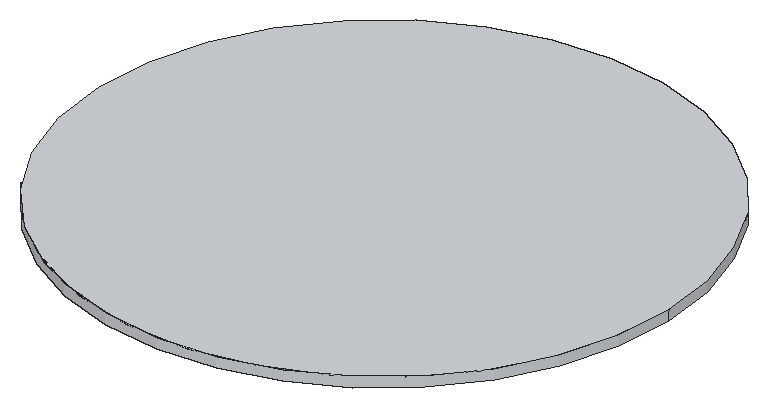
Revit family "CITY", category Lighting Fixtures, host Face, Revit 2023
Family settings
  Host = Face
  Round Connector Dimension = Use Diameter
  Part Type = Normal
  Cut with Voids When Loaded = No
  Light Source = Yes
  Maintain Annotation Orientation = Yes
  Shared = No
  Room Calculation Point = No
Parameters (values of type "LISUP3084")
  Wattage = 9.2903 W
  built-in parameter 1150110 = 1 (stored number, unit not read)
  built-in parameter 1114217 = 1 (stored number, unit not read)
  Tilt Angle = -90.00°
  built-in parameter 1150109 = 1 (stored number, unit not read)
  built-in parameter 1150134 = 3
  built-in parameter 1150113 = 1 (stored number, unit not read)
  Radio = 1542 mm
  Photometric Web File = "LISUP308401 .ies"
  built-in parameter 1150142 = "IESNA:LM-63-2002\r\n[TEST] Viso  - serial: n/a sensor serial: n/a\r\n[TESTLAB] Viso  - serial: n/a sensor serial: n/a - Test lab\r\n[MANUFAC] LUXLIGHT\r\n[ISSUEDATE] 12/9/2025\r\n[LUMINAIRE] CITY ROUND 4000K 30W Ø300x55mm\r\n[LUMCAT] N/A\r\nTILT=NONE\r\n1 2340 1 181 17 1 2 -0.295 -0.295 0\r\n1.0 1.0 30.00\r\n0 1 2 3 4 5 6 7 8 9 10 11 12 13 14 15 16 17 18 19 20 21 22 23 24 25 26 27 28 29 30 31 32 33 34 35 36 37 38 39 40 41 42 43 44 45 46 47 48 49 50 51 52 53 54 55 56 57 58 59 60 61 62 63 64 65 66 67 68 69 70 71 72 73 74 75 76 77 78 79 80\r\n 81 82 83 84 85 86 87 88 89 90 91 92 93 94 95 96 97 98 99 100 101 102 103 104 105 106 107 108 109 110 111 112 113 114 115 116 117 118 119 120 121 122 123 124 125 126 127 128 129 130 131 132 133 134 135 136 137 138 139 140 141 142 143\r\n 144 145 146 147 148 149 150 151 152 153 154 155 156 157 158 159 160 161 162 163 164 165 166 167 168 169 170 171 172 173 174 175 176 177 178 179 180\r\n0 22.5 45 67.5 90 112.5 135 157.5 180 202.5 225 247.5 270 292.5 315 337.5 360 \r\n841.269409 840.497192 840.192993 839.490906 838.671936 837.572021 836.004211 834.249084 832.002625 829.70929 827.018127 823.788757 820.536072 817.072693 812.907288 808.812073 804.17865 799.545288 794.748047 788.968018 783.60907 777.782227\r\n 771.417114 764.981812 758.008301 751.479431 744.388855 736.221863 728.827148 720.964355 712.37616 704.373047 694.801941 685.932922 677.204346 666.954651 657.734619 648.046509 637.516052 627.664246 616.244446 605.924561 594.949463\r\n 582.780884 571.969604 560.386047 548.077087 536.072266 523.295349 510.939514 498.864563 485.549347 472.725555 459.082703 445.88446 432.592651 418.505188 405.423981 391.734344 377.249084 363.302032 348.746521 334.682495 321.13324 306.320343\r\n 292.045685 278.426239 262.747498 249.104675 234.05777 219.806503 206.210464 190.672119 177.076096 162.871628 147.286499 133.760666 118.947769 105.585747 91.779106 77.434227 63.931793 51.271805 37.745972 25.226383 12.659993 4.984434\r\n 3.159148 1.989093 1.427467 1.28706 1.240258 1.333862 1.357264 1.380665 1.474269 1.521071 1.544472 1.638077 1.661478 1.825285 1.895489 1.942291 2.035895 2.1295 2.176302 2.246505 2.34011 2.410313 2.527318 2.597522 2.667725 2.737928\r\n 2.878335 2.971939 3.065543 3.159148 3.20595 3.346357 3.41656 3.463362 3.533566 3.697373 3.744175 3.814378 3.978186 4.095191 4.118593 4.235599 4.282401 4.305802 4.399406 4.563214 4.633417 4.70362 4.844027 4.91423 4.984434 5.078038\r\n 5.148241 5.218445 5.288648 5.358851 5.405653 5.522659 5.54606 5.686467 5.803472 5.826873 5.873675 5.920477 6.014082 6.084285 6.154489 6.154489 6.224692 6.294895 6.365098 6.435301 6.458703 6.505505 6.505505 6.505505 6.505505 6.575708\r\n 6.575708 6.62251 6.739516 6.739516 6.762917 6.786318 6.83312 6.879922 6.856522 6.879922 6.903323 6.926725 6.926725 6.926725 6.926725 6.866759\r\n841.269409 840.754578 840.450378 839.77179 838.882507 837.501831 835.86377 834.108643 831.791931 829.428467 826.737366 823.507996 820.161682 816.581299 812.462708 808.227051 803.593689 798.936829 793.905579 788.078735 782.673096 776.846191\r\n 770.340698 763.905396 756.885071 750.122131 742.984802 734.841248 727.540039 719.396484 710.901917 702.758301 693.163879 684.131042 675.472595 665.620789 655.932678 646.127686 635.620605 625.230469 614.676636 603.935547 592.936951\r\n 580.791809 569.418884 558.396973 545.970947 534.036438 521.165833 508.810028 496.805298 482.951813 470.572632 456.461792 443.801788 431.048218 416.328888 403.317902 389.558044 375.119568 361.757538 346.546844 333.114594 318.95694\r\n 303.465424 289.799194 276.226532 260.501007 246.834763 231.179428 217.559998 203.963959 188.449036 174.876389 160.648529 145.274002 131.88858 117.145889 103.94767 90.141022 75.304726 62.387321 49.259308 35.967487 24.500948 13.338625\r\n 4.937631 3.182549 1.989093 1.450868 1.310461 1.28706 1.28706 1.357264 1.427467 1.450868 1.521071 1.567873 1.661478 1.661478 1.731681 1.825285 1.91889 1.989093 2.059297 2.106099 2.176302 2.246505 2.386912 2.480516 2.550719 2.737928\r\n 2.925137 3.018741 3.112346 3.229351 3.299555 3.369758 3.41656 3.486763 3.580368 3.62717 3.767576 3.814378 3.884582 3.954785 4.095191 4.188797 4.282401 4.376005 4.516412 4.633417 4.727021 4.844027 4.937631 5.007834 5.12484 5.195043\r\n 5.288648 5.33545 5.405653 5.522659 5.54606 5.663065 5.733268 5.733268 5.803472 5.897076 5.943879 6.037483 6.084285 6.154489 6.248093 6.248093 6.365098 6.365098 6.435301 6.458703 6.528906 6.575708 6.692714 6.716115 6.716115 6.809719\r\n 6.83312 6.809719 6.762917 6.692714 6.692714 6.739516 6.762917 6.786318 6.83312 6.856522 6.856522 6.856522 6.926725 6.879922 6.973526 6.903323 6.866759\r\n841.269409 841.386414 840.871582 840.122742 839.093079 837.782654 836.050964 834.225647 831.862122 829.358276 826.573486 823.180359 819.857361 816.089783 811.924438 807.525024 802.727783 798.187988 792.969543 787.376648 781.690247\r\n 775.65271 769.077026 762.828979 755.38739 748.671326 741.416931 733.460571 725.73822 717.594604 708.866028 700.74585 691.034363 682.399353 673.132568 663.233887 653.475647 644.044922 632.929443 623.054199 611.517395 601.150757 590.596863\r\n 577.726257 566.868164 555.190979 542.788452 530.78363 517.889709 506.001923 493.412109 480.050079 467.202881 452.975006 440.291626 427.538025 412.818756 399.807739 386.118103 371.609406 358.317596 343.106873 329.651245 315.540375\r\n 300.797699 286.616638 272.950378 257.388641 243.769211 228.815933 214.658249 201.109009 185.617493 172.208679 158.144623 143.448715 129.431458 114.899384 101.724571 88.01152 73.970863 60.655643 48.276463 35.125046 23.564905 12.870603\r\n 5.288648 3.41656 2.316709 1.70828 1.521071 1.521071 1.521071 1.614676 1.661478 1.755082 1.848687 1.778483 1.848687 1.91889 2.035895 2.106099 2.176302 2.176302 2.34011 2.410313 2.527318 2.597522 2.714527 2.925137 3.088945 3.159148\r\n 3.299555 3.369758 3.486763 3.556967 3.650571 3.744175 3.790978 3.861181 3.907983 3.907983 3.978186 4.04839 4.095191 4.188797 4.235599 4.282401 4.376005 4.469609 4.586615 4.680219 4.773824 4.867428 4.984434 5.054637 5.195043 5.288648\r\n 5.358851 5.475856 5.569461 5.616263 5.709867 5.733268 5.75667 5.803472 5.943879 6.014082 6.037483 6.131087 6.177889 6.294895 6.341697 6.388499 6.482104 6.528906 6.62251 6.645911 6.716115 6.739516 6.786318 6.856522 6.950126 6.973526\r\n 7.04373 7.04373 7.113933 7.113933 7.184137 7.184137 7.137334 7.04373 6.996928 7.04373 7.04373 7.067131 7.04373 7.067131 7.113933 7.137334 6.866759\r\n841.269409 841.620422 841.269409 840.380188 839.350525 837.946472 836.144592 834.038452 831.674927 829.077393 826.199097 822.805969 819.202209 815.598389 811.128845 806.893188 801.815125 797.041382 791.705933 785.949219 780.169189\r\n 774.295471 767.672974 761.003662 753.772766 746.658752 739.708679 731.331055 723.772522 715.60553 706.90033 698.124939 688.507019 679.755066 670.86261 660.472534 650.573853 641.14325 630.004333 620.035461 608.826294 597.89801 587.461121\r\n 575.035095 563.592041 552.429688 539.34845 527.858521 514.379517 502.444916 490.416779 476.329315 464.067139 449.815887 436.524048 423.723633 409.682983 396.063568 382.91214 368.356628 354.526611 339.90094 325.86026 311.726013 296.95993\r\n 282.732056 268.902008 252.848846 238.737991 223.363464 208.807983 194.931122 179.065186 165.352158 151.100876 136.264572 122.855751 107.457832 94.376625 81.669823 67.652565 55.90522 44.111069 32.340313 21.833221 11.887757 4.750422\r\n 3.088945 2.106099 1.567873 1.427467 1.427467 1.427467 1.49767 1.544472 1.591274 1.70828 1.731681 1.825285 1.872088 1.942291 1.989093 2.059297 2.1295 2.246505 2.410313 2.620923 2.78473 2.854934 2.948538 3.088945 3.159148 3.229351 3.346357\r\n 3.41656 3.486763 3.580368 3.720774 3.720774 3.83778 3.907983 3.978186 4.095191 4.165395 4.305802 4.352604 4.469609 4.539813 4.656818 4.70362 4.844027 4.867428 4.937631 5.007834 5.078038 5.148241 5.218445 5.265246 5.358851 5.429054\r\n 5.54606 5.54606 5.639664 5.686467 5.803472 5.897076 5.943879 6.014082 6.107686 6.177889 6.224692 6.294895 6.365098 6.435301 6.505505 6.575708 6.62251 6.692714 6.762917 6.786318 6.856522 6.903323 6.950126 6.996928 7.04373 7.113933\r\n 7.137334 7.184137 7.230938 7.25434 7.347944 7.277741 7.137334 7.067131 7.113933 7.137334 7.113933 7.113933 7.113933 7.137334 6.866759\r\n841.269409 843.515869 842.790466 841.760803 840.567383 838.835693 836.823181 834.717102 831.908997 829.264648 825.941711 822.384705 818.780945 814.826172 810.005554 805.512512 800.364258 795.286255 789.927368 783.749573 777.946045\r\n 771.627747 764.864807 757.93811 750.473145 743.078369 735.894287 727.610229 719.513489 711.276306 702.243469 693.444641 683.920471 674.630188 665.433594 654.762695 644.8172 635.082336 623.756226 613.670349 601.759216 591.252136 580.393982\r\n 567.921204 556.127075 543.70105 531.532532 519.855347 506.352905 493.716339 480.86911 467.202881 454.028076 440.198029 426.742401 413.848389 398.988678 385.228821 371.937012 356.281708 341.843231 326.562286 312.732239 298.129974 282.17041\r\n 267.521332 253.621094 237.614746 223.574066 207.544327 193.66748 179.18219 164.111893 149.790421 136.334793 121.147476 107.949257 93.042755 80.195557 67.044144 53.635315 41.724152 30.491629 20.07814 11.138922 4.235599 2.246505 1.357264\r\n 0.842439 0.748835 0.772236 0.842439 0.889242 0.889242 0.772236 0.842439 0.912643 0.959445 1.07645 1.123253 1.170055 1.357264 1.591274 1.661478 1.731681 1.801884 1.91889 1.965692 2.059297 2.1295 2.223104 2.316709 2.410313 2.480516\r\n 2.597522 2.691126 2.737928 2.854934 2.948538 2.99534 3.088945 3.229351 3.299555 3.41656 3.486763 3.556967 3.62717 3.697373 3.814378 3.907983 4.04839 4.095191 4.165395 4.188797 4.305802 4.376005 4.446208 4.539813 4.633417 4.727021\r\n 4.797225 4.867428 4.937631 4.984434 5.054637 5.12484 5.171642 5.241846 5.288648 5.358851 5.475856 5.522659 5.54606 5.592862 5.639664 5.709867 5.803472 5.897076 5.967279 5.990681 6.014082 6.131087 6.177889 6.248093 6.318296 6.294895\r\n 6.341697 6.388499 6.411901 6.435301 6.248093 6.177889 6.201291 6.224692 6.201291 6.294895 6.294895 6.341697 6.294895 6.248093 6.866759\r\n841.269409 840.988586 840.192993 839.093079 837.829468 836.308411 834.155457 832.026001 829.147644 826.339478 823.437744 819.64679 815.785583 812.018005 807.501648 802.797974 797.696533 792.735535 787.329895 781.034973 775.20813 769.240784\r\n 762.197083 755.270386 747.969238 740.855347 733.343567 724.731934 717.032959 708.678833 699.739563 690.940735 681.486694 672.2901 663.210449 652.539551 643.038757 632.976257 622.164978 611.587646 600.191345 589.216187 578.404907 565.932068\r\n 554.769775 541.828979 529.800842 518.123718 504.574463 491.914429 479.652252 465.494629 452.998413 438.489746 425.17453 412.210327 397.982452 383.59079 370.158539 354.549988 340.766754 324.830627 311.000549 296.398285 281.164185 266.515076\r\n 252.053207 236.725494 222.099808 206.725296 192.871826 178.456757 162.871628 149.252182 135.188126 120.609253 106.872803 92.621544 79.165909 66.69313 52.76947 40.858315 29.48538 19.446312 10.88151 4.165395 2.480516 1.638077 1.099851\r\n 0.959445 1.029648 1.099851 1.216857 1.07645 1.123253 1.216857 1.170055 1.28706 1.427467 1.661478 1.70828 1.778483 1.91889 1.989093 2.059297 2.152901 2.246505 2.316709 2.410313 2.527318 2.597522 2.667725 2.761329 2.854934 2.948538\r\n 3.042143 3.112346 3.229351 3.346357 3.41656 3.486763 3.533566 3.697373 3.790978 3.907983 3.978186 4.04839 4.04839 4.165395 4.235599 4.305802 4.376005 4.493011 4.586615 4.70362 4.727021 4.797225 4.867428 4.984434 5.054637 5.101439\r\n 5.195043 5.241846 5.312049 5.382252 5.475856 5.54606 5.569461 5.639664 5.709867 5.75667 5.826873 5.873675 5.943879 6.037483 6.060884 6.107686 6.177889 6.224692 6.248093 6.435301 6.435301 6.552307 6.62251 6.62251 6.669312 6.669312\r\n 6.552307 6.505505 6.552307 6.575708 6.62251 6.62251 6.575708 6.62251 6.528906 6.575708 6.575708 6.575708 6.575708 6.866759\r\n841.269409 839.958984 839.280334 838.18042 836.869995 835.161743 833.172607 831.043152 828.188232 825.567322 822.361328 818.780945 815.270813 811.362854 806.65918 802.283203 796.994568 792.173889 786.698059 780.800964 774.880493 768.889832\r\n 761.775879 755.364014 747.711853 740.621277 733.203186 724.989319 717.40741 709.099976 699.950195 691.642822 681.790894 672.945374 663.444458 653.358582 643.530151 633.982544 622.773376 612.219482 600.986938 590.503235 579.294189\r\n 566.82135 555.63562 543.279846 531.228333 519.644775 505.463684 493.10791 480.939331 466.828491 454.285461 439.753387 427.046631 413.450592 399.316315 385.533081 371.656219 357.100739 343.060089 327.66214 314.112915 300.282867 284.533936\r\n 269.955048 255.329361 240.071838 225.960983 209.931244 196.101181 181.615921 166.615814 152.364548 138.34729 123.113167 109.844742 95.429672 81.740028 69.080032 55.390392 44.111069 33.369965 22.067234 13.081213 5.054637 2.854934 1.872088\r\n 1.240258 1.07645 1.146654 1.240258 1.216857 1.240258 1.28706 1.357264 1.427467 1.661478 1.70828 1.778483 1.848687 1.942291 2.059297 2.106099 2.223104 2.269906 2.386912 2.480516 2.550719 2.667725 2.691126 2.737928 2.878335 2.971939\r\n 3.065543 3.135747 3.252752 3.346357 3.41656 3.486763 3.62717 3.650571 3.767576 3.83778 3.931384 4.04839 4.165395 4.235599 4.329203 4.399406 4.493011 4.610016 4.633417 4.680219 4.797225 4.91423 4.937631 5.054637 5.171642 5.195043 5.288648\r\n 5.358851 5.195043 5.265246 5.288648 5.382252 5.429054 5.54606 5.592862 5.663065 5.686467 5.75667 5.826873 5.897076 5.943879 5.990681 6.060884 6.084285 6.107686 6.177889 6.248093 6.341697 6.365098 6.365098 6.435301 6.458703 6.505505\r\n 6.528906 6.575708 6.575708 6.575708 6.62251 6.62251 6.692714 6.762917 6.83312 6.856522 6.856522 6.903323 6.786318 6.866759\r\n841.269409 839.818542 839.210083 838.110229 836.963562 835.372314 833.336487 831.183533 828.585999 825.80127 822.852783 819.108582 815.458008 811.667053 807.244263 802.727783 797.813538 792.524902 787.493652 781.315796 775.699524 769.498291\r\n 762.828979 756.13623 748.952087 741.674316 734.537048 726.557251 718.530701 710.340271 701.635071 693.023499 683.592834 674.372803 665.550598 655.043518 645.683044 635.690796 624.879517 614.48938 602.905884 592.42218 581.821472 569.395447\r\n 558.279968 545.456177 533.404541 521.844482 508.435608 495.892609 483.115631 469.660004 456.508606 442.701965 429.386719 416.445892 401.67984 388.083801 374.815338 359.581238 345.517181 330.868103 316.616821 303.161194 287.669678\r\n 274.073639 259.869171 244.260651 230.547607 215.594299 201.296234 187.770386 172.302277 158.308411 144.969788 129.759079 116.326851 101.77137 87.917923 74.321877 60.351425 48.065849 35.63987 23.611706 13.502432 4.797225 3.088945 1.989093\r\n 1.333862 1.146654 1.123253 1.216857 1.216857 1.310461 1.357264 1.404066 1.638077 1.731681 1.801884 1.848687 1.91889 1.989093 2.106099 2.176302 2.293308 2.363511 2.410313 2.480516 2.597522 2.667725 2.737928 2.831532 2.925137 3.018741\r\n 3.088945 3.182549 3.276154 3.299555 3.439961 3.533566 3.62717 3.697373 3.814378 3.884582 3.954785 4.04839 4.118593 4.235599 4.305802 4.399406 4.516412 4.610016 4.680219 4.797225 4.844027 4.984434 5.007834 5.078038 5.195043 5.288648\r\n 5.358851 5.429054 5.522659 5.592862 5.616263 5.709867 5.663065 5.616263 5.686467 5.803472 5.803472 5.873675 5.967279 6.014082 6.060884 6.154489 6.131087 6.201291 6.224692 6.294895 6.318296 6.365098 6.388499 6.505505 6.552307 6.575708\r\n 6.62251 6.669312 6.692714 6.762917 6.762917 6.809719 6.856522 6.903323 6.809719 6.856522 6.879922 6.879922 6.903323 6.879922 6.866759\r\n841.269409 840.263184 839.584534 838.554932 837.244446 835.86377 833.874634 831.674927 829.054016 826.316101 823.437744 819.71698 816.394043 812.696716 808.063232 803.593689 798.585815 793.74176 788.359497 782.649658 776.776001 770.995911\r\n 763.975586 757.633911 750.005127 742.891174 735.800659 727.797546 719.887939 712.118774 702.968933 694.73175 685.067078 676.26825 666.907837 656.587952 647.297729 637.703247 626.657959 616.244446 605.035339 594.083618 583.482971 571.595215\r\n 560.105225 547.328247 535.931885 523.856934 510.401337 497.928528 485.713165 471.766083 459.316711 444.925049 431.586426 418.786011 404.67514 391.008911 37
